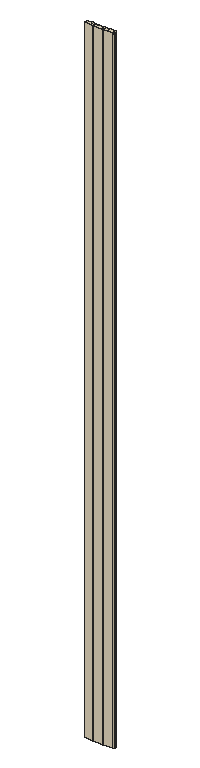
Revit family "HOB_GEN_Symphony_Opera_3", category Generic Models, Revit 2026
Family settings
  Can host rebar = No
  Round Connector Dimension = Use Diameter
  Part Type = Normal
  Work Plane-Based = No
  Always vertical = Yes
  Cut with Voids When Loaded = No
  Maintain Annotation Orientation = No
  Shared = Yes
  Room Calculation Point = No
Parameters
  URL = "https://houseofbamboo.com.au/"
  SectionArea = 0.002 m²  # constant formula
  Model = "Opera 3"
  Material = Bamboo_horizontalGrain
  Manufacturer = "House Of Bamboo"
  Length [instance] = 2900 mm
  Description = "128 mm x 18 mm x 2000 / 2900 m"
  Default Elevation = 0 mm
  BambooVolume [instance] = 0.002 m² * Length  # 0.0058 m³
Reference planes
  plane 1 "Center (Front/Back)": y = 0
  plane 2: z = 0
  plane 3 "Center (Left/Right)": x = 0
  plane 4: x = 133
  plane 5: y = 18
  plane 6: z = 2900
Forms (mm)
  Extrusion 1, solid, material "Bamboo_horizontalGrain" <- "Material"
    sketch origin (0, 0, 0) x (1, 0, 0) y (0, 1, 0)
      loop
        line (5.626, 11.346) -> (5.626, 5.846) -> (0.354, 5.846)
        arc (0.354, 5.846) -> (0, 5.7) -> (-0.146, 5.346) r 0.5
        line (-0.146, 5.346) -> (-0.146, 0.354)
        arc (-0.146, 0.354) -> (0, 0) -> (0.354, -0.146) r 0.5
        line (0.354, -0.146) -> (38.33, -0.146) -> (38.33, 4.854) -> (41.33, 4.854) -> (41.33, -0.146) -> (82.357, -0.146) -> (82.357, 4.854) -> (85.357, 4.854) -> (85.357, -0.146) -> (127.354, -0.146)
        arc (127.354, -0.146) -> (127.707, 0) -> (127.854, 0.354) r 0.5
        line (127.854, 0.354) -> (127.854, 6.854) -> (132.354, 6.854)
        arc (132.354, 6.854) -> (132.707, 7) -> (132.854, 7.354) r 0.5
        line (132.854, 7.354) -> (132.854, 11.354)
        arc (132.854, 11.354) -> (132.707, 11.707) -> (132.354, 11.854) r 0.5
        line (132.354, 11.854) -> (124.882, 11.854) -> (124.882, 17.854) -> (102.254, 17.854) -> (102.254, 11.854) -> (99.254, 11.854) -> (99.254, 17.854) -> (76.654, 17.854) -> (76.654, 11.854) -> (73.654, 11.854) -> (73.654, 17.854) -> (51.054, 17.854) -> (51.054, 11.854) -> (48.054, 11.854) -> (48.054, 17.854) -> (25.454, 17.854) -> (25.454, 11.854) -> (22.454, 11.854) -> (22.454, 17.854) -> (-0.146, 17.854) -> (-0.146, 11.846)
        arc (-0.146, 11.846) -> (0, 11.492) -> (0.354, 11.346) r 0.5
        line (0.354, 11.346) -> (5.626, 11.346)
    from 0 to 2900
Dimensions and locks
  plane 3 "Center (Left/Right)" to plane 4 = 133 mm
  plane 5 to plane 1 "Center (Front/Back)" = 18 mm
  "Length": plane 6 to plane 2
  aligned and locked: level to plane 2
  aligned and locked: plane 6 to Extrusion 1
  aligned and locked: Extrusion 1 to level
Automatic sketch dimensions
  Extrusion 1 sketch curve to plane 3 "Center (Left/Right)" = 0.146 mm  (x2)
  plane 3 "Center (Left/Right)" to Extrusion 1 sketch curve = 0.354 mm  (x3)
  Extrusion 1 sketch curve to Extrusion 1 sketch curve = 5.273 mm
  Extrusion 1 sketch curve to plane 5 = 0.146 mm  (x5)
  Extrusion 1 sketch curve to Extrusion 1 sketch curve = 3 mm  (x6)
  plane 1 "Center (Front/Back)" to Extrusion 1 sketch curve = 0.146 mm  (x3)
  Extrusion 1 sketch curve to Extrusion 1 sketch curve = 12.876 mm
  Extrusion 1 sketch curve to Extrusion 1 sketch curve = 6.724 mm
  Extrusion 1 sketch curve to Extrusion 1 sketch curve = 5.704 mm
  Extrusion 1 sketch curve to Extrusion 1 sketch curve = 13.896 mm
  Extrusion 1 sketch curve to plane 4 = 8.118 mm
  Extrusion 1 sketch curve to plane 1 "Center (Front/Back)" = 0.354 mm
  Extrusion 1 sketch curve to plane 4 = 5.646 mm
  Extrusion 1 sketch curve to plane 4 = 0.646 mm  (x2)
  Extrusion 1 sketch curve to plane 4 = 0.146 mm
  Extrusion 1 sketch curve to plane 1 "Center (Front/Back)" = 4.854 mm  (x2)
  Extrusion 1 sketch curve to Extrusion 1 sketch curve = 4.992 mm
  Extrusion 1 sketch curve to Extrusion 1 sketch curve = 6.5 mm
  Extrusion 1 sketch curve to Extrusion 1 sketch curve = 5.5 mm
  Extrusion 1 sketch curve to Extrusion 1 sketch curve = 4 mm
  Extrusion 1 sketch curve to Extrusion 1 sketch curve = 6 mm  (x4)
  Extrusion 1 sketch curve to Extrusion 1 sketch curve = 16.827 mm
  Extrusion 1 sketch curve to Extrusion 1 sketch curve = 22.6 mm
